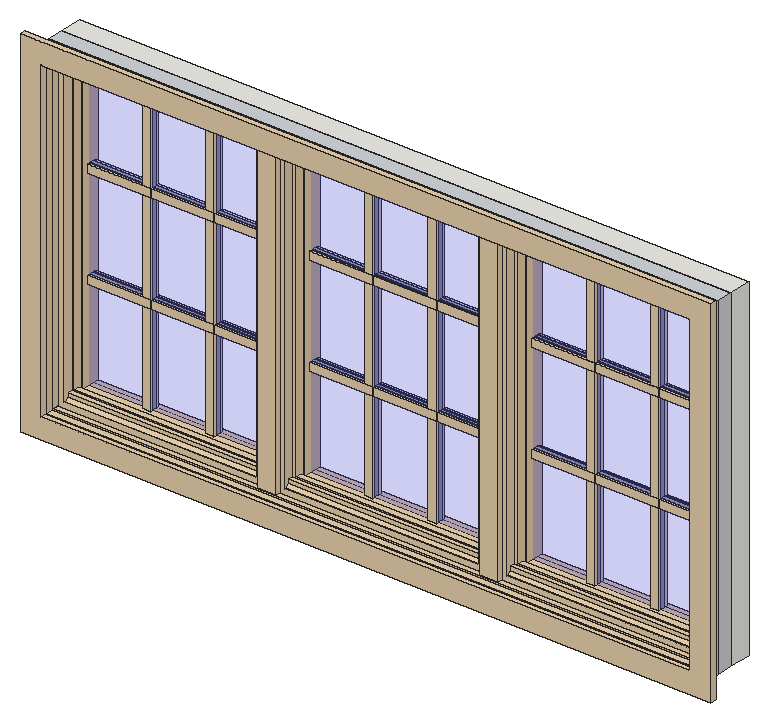
Revit family "1 Window-Casement-Andersen-400_Series_Triple", category Windows, host Wall, Revit 2014
Parameters
  XPanelWidth = (Width - 0' 2 3/8") / 3  # 1' - 11.20833"
  XPanelHeight = Height - 0' 1 1/8"  # 2' - 10 7/8"
  Visual Light Transmittance = 0.48  # constant formula
  Thermal Resistance (R) = 0.62871  # 3.5700 (h·ft²·°F)/BTU
  TFL = if(Fractional Lights High > 5, 3, if(or(Fractional Lights High = 4, Fractional Lights High = 5), 2, if(or(Fractional Lights High = 2, Fractional Lights High = 3), 1, 1)))  # 2
  TFB = TFL - 1  # 1
  Solar Heat Gain Coefficient = 0.21  # constant formula
  Learn About These Parameters = "http://www.andersenwindows.com/for-professionals/cad-symbols-bim-support-window-doors/bim-support"
  LWide = if(Enter Pattern Number = 3, 3, if(Enter Pattern Number = 1, . . Lights Wide, Fractional Lights Wide))  # 3
  Heat Transfer Coefficient (U) = 1.5899  # 0.2800 BTU/(h·ft²·°F)
  Glazing Material = Glass ‐ Andersen - Low-E4 SmartSun
  Fractional Lights Wide = 3
  Fractional Lights High = 5
  Exterior Unit Finish = Vinyl - Andersen - White
  Enter Jamb Condition = 1
  Analytic Construction = "<None>"
  ..Jamb Condition Number 1 = "Extension Jamb Only"  # constant formula
  ..Jamb Condition Number 2 = "Narrow Drywall Return"  # constant formula
  ..Jamb Condition Number 3 = "Wide Drywall Return"  # constant formula
  Available Grille Bar Sizes = "3/4'', 7/8'', 1 1/8'', 2 1/4''"  # constant formula
  Between Glass Grille Bar Sizes = "3/4'', 1''"  # constant formula
  Interior Casing = yes
  Grille Bar Size = 0' - 0 7/8"
  Enter Pattern Number = 1
  ..Pattern Number 1 = "Colonial"  # constant formula
  . . Lights Wide = 3
  . . Lights High = 3
  ..Pattern Number 2 = "Modified Colonial"  # constant formula
  ..Pattern Number 3 = "Prairie"  # constant formula
  ..Pattern Number 4 = "Short Fractional"  # constant formula
  ..Pattern Number 5 = "Tall Fractional"  # constant formula
  Extension Jamb = yes
  Enter Exterior Trim Number = 0
  ..Exterior Trim Number 0 = "No Exterior Trim"  # constant formula
  ..Exterior Trim Number 1 = "Brick Mould"  # constant formula
  ..Exterior Trim Number 2 = "3 1/2'' Flat Casing"  # constant formula
  ..Exterior Trim Number 3 = "4 1/2'' Flat Casing"  # constant formula
  Interior Grille Bar = yes
  Exterior Grille Bar = yes
  Between Glass Grille Bar = yes
  xjamb Visibility [instance] = and(and(Enter Jamb Condition = 1, Wall Depth > 0' 2 7/8"), Extension Jamb)  # yes
  xjamb S1 [instance] = if(Wall Depth > 0' 3", Wall Depth - 0' 2 27/32", 0' 3")  # 0' - 1 23/32"
  sill nose1 = 0' - 1 13/16"  # constant formula
  sill nose 2 = 0' - 1 15/16"  # constant formula
  casingS2 = if(Enter Exterior Trim Number = 1, 0' 0 3/16", 0' 0 3/16")  # 0' - 0 3/16"
  casingS1 = if(Enter Exterior Trim Number = 1, 0' 0 7/16", 0' 0 3/16")  # 0' - 0 3/16"
  casing4 = if(Enter Exterior Trim Number = 1, 0' 1 3/4", if(Enter Exterior Trim Number = 2, 0' 3 1/4", 0' 4 1/4"))  # 0' - 4 1/4"
  casing3 = 0' - 0 1/2"  # constant formula
  casing2 = 0' - 0 7/8"  # constant formula
  casing1 = 0' - 0 1/4"  # constant formula
  Xjamb 2 = if(or(Enter Jamb Condition = 2, Enter Jamb Condition = 3), 0' 0 1/32", 0' 0 1/2")  # 0' - 0 1/2"
  Xjamb 1 = if(or(Enter Jamb Condition = 2, Enter Jamb Condition = 3), 0' 0 5/8", 0' 1 3/32")  # 0' - 1 3/32"
  Wall Thickness [instance] = 0' - 6"
  Wall Depth [instance] = 0' - 4 9/16"
  Void Offset 2 = if(Enter Exterior Trim Number > 0, 0' 1 15/16", 0' 0")  # 0' - 0"
  Void Offset 1 = if(Enter Exterior Trim Number > 0, casing4, 0' 0")  # 0' - 0"
  Void Depth [instance] = if(Wall Thickness > Wall Depth, 0' 1" + Wall Thickness - Wall Depth, 0' 1")  # 0' - 2 7/16"
  VeriLock Sensor [instance] = no
  VGB DLO = if(Enter Pattern Number = 3, 0' 4", (H DLO - (Grille Bar Size * (V Bars))) / if(LWide > 2, LWide, 3))  # 1' - 9.91667"
  V Bars = if(Enter Pattern Number = 3, 2, if(LWide > 2, LWide - 1, 2))  # 2
  URL = "www.andersenwindows.com"
  Type Comments = "Vinyl-clad wood casement window"
  TS V DLO = Height - HGO - SGO  # 2' - 7 3/8"
  TS V Bar Length = if(or(Enter Pattern Number = 5, Enter Pattern Number = 2), ((((Height - HGO - SGO - (Grille Bar Size * (Fractional Lights High - 1))) / Fractional Lights High)) * TFL) + (TFB * Grille Bar Size), if(Enter Pattern Number = 4, ((Height - HGO - SGO - (Grille Bar Size * (Fractional Lights High - 1))) / Fractional Lights High), Height - HGO - SGO))  # 2' - 7 3/8"
  TS SH DLO = if(or(Enter Pattern Number = 5, Enter Pattern Number = 2), ((((Height - HGO - SGO - (Grille Bar Size * (Fractional Lights High - 1))) / Fractional Lights High)) * TFL) + (TFB * Grille Bar Size) + HGO + (Grille Bar Size / 2), if(Enter Pattern Number = 4, TS V Bar Length + HGO + (Grille Bar Size / 2), (TS V DLO / 2) + HGO))  # 1' - 6 1/16"
  TS S V = or(and(LWide = 2, Enter Pattern Number = 1), and(Fractional Lights Wide = 2, or(or(Enter Pattern Number = 2, Enter Pattern Number = 4), Enter Pattern Number = 5)))  # no
  TS S H Craftsman = and(Enter Pattern Number = 2, or(Fractional Lights High = 4, Fractional Lights High = 5))  # no
  TS S H = or(or(or(and(. . Lights High = 2, Enter Pattern Number = 1), and(Enter Pattern Number = 4, Fractional Lights High > 1)), and(Enter Pattern Number = 5, Fractional Lights High > 1)), and(Enter Pattern Number = 2, Fractional Lights High > 1))  # no
  TS M V = LWide > 2  # yes
  TS M H = or(or(Enter Pattern Number = 3, and(. . Lights High > 2, Enter Pattern Number = 1)), and(Enter Pattern Number = 2, Fractional Lights High > 5))  # yes
  TS HGB DLO = if(Enter Pattern Number = 1, if(. . Lights High > 2, ((TS V Bar Length - (Grille Bar Size * (. . Lights High - 1))) / . . Lights High), 0' 4"), if(Enter Pattern Number = 3, 0' 4", if(Fractional Lights High > 2, ((TS V Bar Length - (Grille Bar Size * 2)) / 3), 0' 4")))  # 0' - 9 7/8"
  TS H Bars = if(Enter Pattern Number = 3, 2, if(Enter Pattern Number = 1, if(. . Lights High > 2, . . Lights High - 1, 2), 2))  # 2
  Step Visibility = or(Enter Jamb Condition = 2, Enter Jamb Condition = 3)  # no
  Step Jamb2 = if(Enter Jamb Condition = 2, 0' 0 1/4", 0' 0 13/16")  # 0' - 0 13/16"
  Step Jamb1 = 0' - 1 1/8"  # constant formula
  Sill Stop Dim [instance] = 0' - 2 1/2"
  SGO = 0' - 2 1/4"  # constant formula
  Rough Width = Width + (Rough Opening Offset * 2)  # 6' - 0 1/2"
  Rough Opening Offset = 0' - 0 1/4"
  Rough Height = Height + (Rough Opening Offset * 2)  # 3' - 0 1/2"
  Push Out Stop Visibility [instance] = no
  Product Documentation Link = "https://www.andersenwindows.com/windows-and-doors/windows/casement-windows/400-series-casement-window/"
  Plan Exterior Mask Visibility [instance] = Plan Exterior Mask 2 > 0' 0 1/32"  # yes
  Plan Exterior Mask 2 [instance] = if(Enter Exterior Trim Number > 0, if(Wall Depth + 0' 1 1/16" + casingS1 > Wall Thickness, 0' 0 1/32", Wall Thickness - Wall Depth - 0' 1 1/16" - casingS1), if(Wall Depth + 0' 1 1/16" > Wall Thickness, 0' 0 1/32", Wall Thickness - Wall Depth - 0' 0 1/16"))  # 0' - 1 3/8"
  Plan Exterior Mask [instance] = if(Enter Exterior Trim Number > 0, 0' 1 1/16" + casingS1, 0' 1 1/16")  # 0' - 1 1/16"
  Nail Fin Visibility = Enter Exterior Trim Number = 0  # yes
  Model = "400-Series Casement"  # constant formula
  Masonry Width = if(Enter Exterior Trim Number > 0, Width + ((casing4 + Masonry Opening Offset) * 2), Width + (Masonry Opening Offset * 2))  # 6' - 0 1/2"
  Masonry Opening Offset = 0' - 0 1/4"
  Masonry Height = if(Enter Exterior Trim Number > 0, Height + (casing4 + Masonry Opening Offset) + (sill nose 2 + Masonry Opening Offset), Height + (Masonry Opening Offset * 2))  # 3' - 0 1/2"
  Manufacturer = "Andersen Corporation"  # constant formula
  JGO = 0' - 2 1/4"  # constant formula
  Interior Trim Visibility = and(Enter Jamb Condition = 1, Interior Casing)  # yes
  Interior Material = Wood - Andersen - Pine
  Interior Casing Size = 0' - 2 1/4"
  Horizontal Craftsman Bar Size = 0' - 0 7/8"
  Height = 3' - 0"
  Head Stop Dim [instance] = 0' - 2 17/64"
  HGO = 0' - 2 3/8"  # constant formula
  H DLO = Width - (JGO * 2)  # 5' - 7 1/2"
  Family Version = "01.01.19"  # constant formula
  Exterior Trim Finish = Fibrex Composite - Andersen - White
  Designation = "CMT"
  Description = "Vinyl-clad wood casement window"  # constant formula
  Default Sill Height = 6' 10 1/2" - Rough Height  # 3' - 10"
  Wall Closure = By host
  Width = 6' - 0"
  Crank Out Stop Visibility [instance] = yes
  Coarse Plan [instance] = if(Wall Depth < Wall Thickness, Wall Depth, Wall Thickness)  # 0' - 4 9/16"
  Casing Visibility = Enter Exterior Trim Number > 0  # no
  Between Glass Grille Bar Finish = Stainless Steel - Andersen - Standard
  Bar Center Line = if(Enter Pattern Number = 3, 1, 2)  # 2
  Assembly Code = "B2020100"
Reference planes (in)
  plane 1 "Center (Front/Back)": y = 0
  plane 2: z = 0
  plane 3 "Center (Left/Right)": x = 0
  plane 4 "R Frame": x = -36
  plane 5 "L Frame": x = 36
  plane 6 "B Frame": z = 46.25
  plane 7 "T Frame": z = 82.25
  plane 8 "L Glazing": x = 33.75
  plane 9 "L Ext Frame": x = 35.514
  plane 10 "L Stop": x = 34
  plane 11 "L Xjamb 1": x = 34.90625
  plane 12 "L Casing 1": x = 35.75
  plane 13 "L Xjamb 2": x = 35.5
  plane 14 "L Rough Opening": x = 36.25
  plane 15 "L Casing 2": x = 39.375
  plane 16 "L Casing 3": x = 39.75
  plane 17 "L Casing 4": x = 40.25
  plane 18 "R Glazing": x = -33.75
  plane 19 "R Ext Frame": x = -35.514
  plane 20 "R Stop": x = -34
  plane 21 "R Xjamb 1": x = -34.90625
  plane 22 "R Casing 1": x = -35.75
  plane 23 "R Xjamb 2": x = -35.5
  plane 24 "R Rough Opening": x = -36.25
  plane 25 "R Casing 2": x = -39.375
  plane 26 "R Casing 3": x = -39.75
  plane 27 "R Casing 4": x = -40.25
  plane 28 "R Int Casing": x = -37.15625
  plane 29 "T Ext Frame": z = 81.68689
  plane 30 "T Xjamb 1": z = 81.15625
  plane 31 "T Casing 1": z = 82
  plane 32 "T Xjamb 2": z = 81.75
  plane 33 "T Rough Opening": z = 82.5
  plane 34 "T Casing 2": z = 85.625
  plane 35 "T Casing 3": z = 86
  plane 36 "T Casing 4": z = 86.5
  plane 37 "T Int Casing": z = 83.40625
  plane 38 "B Ext Frame": z = 46.81311
  plane 39 "B Xjamb 2": z = 46.75
  plane 40 "B Casing 1": z = 46.5
  plane 41 "B Casing 2": z = 44.3125
  plane 42 "B Int Casing": z = 44.985
  plane 43 "L Int Casing": x = 37.15625
  plane 44 "Casing S1": y = 3.062
  plane 45 "Casing S2": y = 3.062
  plane 46 "Frame S1": y = 2.8745
  plane 47 "Flange": y = 1.5625
  plane 48 "Sash1 S2": y = 0.5625
  plane 49 "Frame S2": y = -1.2855
  plane 50 "B Xjamb 1": z = 47.235
  plane 51 "Exterior Offset": y = 4
  plane 52 "Interior Casing": y = -3.625
  plane 53 "B Rough Opening": z = 46
  plane 54 "R Masonry Opening": x = -40.5
  plane 55 "L Masonry Opening": x = 40.5
  plane 56 "T Masonry Opening": z = 86.75
  plane 57 "B Masonry Opening": z = 44.0625
  plane 58 "Xjamb S1": y = -1.28125
  plane 59 "R Sash": x = -35.42
  plane 60 "L Sash": x = 35.42
  plane 61 "Stop S1": y = -1.4375
  plane 62 "T Sash": z = 81.5
  plane 63 "T Int Frame": z = 81.14
  plane 64 "B Int Frame": z = 47.235
  plane 65 "L Int Frame": x = 34.891
  plane 66 "R Int Frame": x = -34.891
  plane 67 "T Stop": z = 79.98437
  plane 68 "B Stop": z = 48.75
  plane 69: x = -12.30567
  plane 70: x = 12.30567
Forms (in)
  Extrusion 1, void
    sketch origin (0, 0, 0) x (1, 0, 0) y (0, 0, 1)
      loop
        line (36, 82.25) -> (-36, 82.25) -> (-36, 46.25) -> (36, 46.25) -> (36, 82.25)
    from -1.5625 to 3
  Extrusion 2, void
    sketch origin (0, 0, 0) x (1, 0, 0) y (0, 0, 1)
      loop
        line (36, 82.25) -> (-36, 82.25) -> (-36, 46.25) -> (36, 46.25) -> (36, 82.25)
    from -15 to -1.5625
  Extrusion 3, solid, material "Wood - Andersen - Pine" <- "Interior Material", visible <- "xjamb Visibility", detail levels medium+fine
    sketch origin (0, -2.5625, 0) x (-1, 0, 0) y (0, 0, 1)
      loop
        line (35.5, 81.75) -> (-35.5, 81.75) -> (-35.5, 46.75) -> (35.5, 46.75) -> (35.5, 81.75)
      loop
        line (34.90625, 81.15625) -> (-34.90625, 81.15625) -> (-34.90625, 47.235) -> (34.90625, 47.235) -> (34.90625, 81.15625)
    from 1.28125 to -0.4375
  Extrusion 4, solid, material "Wood - Andersen - Pine" <- "Interior Material", visible <- "Interior Trim Visibility", detail levels fine
    sketch origin (0, -3.625, 0) x (-1, 0, 0) y (0, 0, 1)
      loop
        line (37.15625, 83.40625) -> (-37.15625, 83.40625) -> (-37.15625, 44.985) -> (37.15625, 44.985) -> (37.15625, 83.40625)
      loop
        line (34.90625, 81.15625) -> (-34.90625, 81.15625) -> (-34.90625, 47.235) -> (34.90625, 47.235) -> (34.90625, 81.15625)
    from 0 to 0.625
  Extrusion 5, solid, material "Fibrex Composite - Andersen - White" <- "Exterior Trim Finish", visible <- "Casing Visibility", detail levels medium+fine
    sketch origin (0, 0, 0) x (0, 1, 0) y (0, 0, 1)
      loop
        line (2.31163, 46.25) -> (1.5625, 46.25) -> (1.5625, 44.3125) -> (3.375, 44.3125) -> (3.375, 46.0625) -> (2.31163, 46.25)
    from -40.25 to 40.25
  Sweep 6, solid, material "Fibrex Composite - Andersen - White" <- "Exterior Trim Finish", visible <- "Casing Visibility", detail levels medium+fine
    path origin (0, 1.5625, 0) x (-1, 0, 0) y (0, 0, 1)
      loop
        line (-40.25, 44.3125) -> (-40.25, 86.5) -> (40.25, 86.5) -> (40.25, 44.3125)
    profile origin (40.25, 1.5625, 65.40625) x (1, 0, 0) y (0, 1, 0)
      loop
        line (-0.875, 1.4995) -> (-4.5, 1.4995) -> (-4.5, 0) -> (0, 0) -> (0, 1.4995) -> (-0.5, 1.4995) -> (-0.875, 1.4995)
  Extrusion 7, solid, material "Fibrex Composite - Andersen - White" <- "Exterior Trim Finish", visible <- "Casing Visibility", detail levels coarse
    sketch origin (0, 1.5625, 0) x (-1, 0, 0) y (0, 0, 1)
      loop
        line (-40.25, 86.5) -> (-40.25, 44.3125) -> (40.25, 44.3125) -> (40.25, 86.5) -> (-40.25, 86.5)
      loop
        line (-35.75, 82) -> (-35.75, 46.25) -> (35.75, 46.25) -> (35.75, 82) -> (-35.75, 82)
    from 0 to 1.4995
  Extrusion 8, solid, material "Vinyl - Andersen - White" <- "Exterior Unit Finish"
    sketch origin (0, 0, 0) x (1, 0, 0) y (0, 0, 1)
      loop
        line (36, 82.25) -> (-36, 82.25) -> (-36, 46.25) -> (36, 46.25) -> (36, 82.25)
      loop
        line (35.514, 81.68689) -> (-35.514, 81.68689) -> (-35.514, 46.81311) -> (35.514, 46.81311) -> (35.514, 81.68689)
    from -2.8745 to -0.5625
  Extrusion 9, solid
    sketch origin (0, 0, 0) x (1, 0, 0) y (0, 0, 1)
      loop
        line (36, 82.25) -> (-36, 82.25) -> (-36, 46.25) -> (36, 46.25) -> (36, 82.25)
      loop
        line (34.891, 81.14) -> (-34.891, 81.14) -> (-34.891, 47.235) -> (34.891, 47.235) -> (34.891, 81.14)
    from -0.5625 to 1.2855
  Extrusion 10, solid, material "Wood - Andersen - Pine" <- "Interior Material"
    sketch origin (0, 0, 0) x (0, 1, 0) y (0, 0, 1)
      loop
        line (-0.4375, 48.75) -> (-0.4375, 48.673) -> (-1.00544, 48.673) -> (-1.00544, 48.26216) -> (-1.2885, 47.922) -> (-1.4375, 47.922) -> (-1.4375, 47.235) -> (0.5625, 47.235) -> (0.5625, 48.47) -> (0.2955, 48.75) -> (-0.4375, 48.75)
    from -34.891 to 34.891
  Extrusion 11, solid, material "Wood - Andersen - Pine" <- "Interior Material"
    sketch origin (0, 0, 0) x (1, 0, 0) y (0, 1, 0)
      loop
        line (-34.891, -1.4375) -> (-34.188, -1.4375) -> (-34.188, -0.4375) -> (-34, -0.4375) -> (-34, 0.5625) -> (-34.891, 0.5625) -> (-34.891, -1.4375)
      loop
        line (34.891, -1.4375) -> (34.891, 0.5625) -> (34, 0.5625) -> (34, -0.4375) -> (34.188, -0.4375) -> (34.188, -1.4375) -> (34.891, -1.4375)
    from 47.235 to 81.14
  Sweep 12, solid, material "Wood - Andersen - Pine" <- "Interior Material"
    path origin (0, 1.5625, 0) x (-1, 0, 0) y (0, 0, 1)
      loop
        line (36, 46.25) -> (36, 82.25) -> (-36, 82.25) -> (-36, 46.25) -> (36, 46.25)
    profile origin (-36, 1.5625, 64.25) x (1, 0, 0) y (0, 1, 0)
      loop
        line (0, -2.848) -> (0, -3.6605) -> (1.09375, -3.6605) -> (1.09375, -2.848) -> (0, -2.848)
  Extrusion 13, solid, material "Wood - Andersen - Pine" <- "Interior Material"
    sketch origin (0, 0, 0) x (0, 1, 0) y (0, 0, 1)
      loop
        line (-1.4375, 81.14) -> (-1.4375, 80.345) -> (-0.4375, 80.345) -> (-0.4375, 79.98437) -> (0.5625, 79.98437) -> (0.5625, 81.14) -> (-1.4375, 81.14)
    from -34.891 to 34.891
  Extrusion 14, solid, material "Vinyl - Andersen - White" <- "Exterior Unit Finish"
    sketch origin (16.2721, 55.75519, 46.25) x (0, -1, 0) y (1, 0, 0)
      loop
        line (52.88069, -28.57777) -> (55.19269, -28.57777) -> (55.19269, -27.87377) -> (52.88069, -27.87377) -> (52.88069, -28.57777)
    from 0.56311 to 35.43689
  Extrusion 15, solid, material "Wood - Andersen - Pine" <- "Interior Material"
    sketch origin (24.415, 42.77433, 46.25) x (0, -1, 0) y (1, 0, 0)
      loop
        line (42.21183, -38.23467) -> (43.21183, -38.23467) -> (43.21183, -37.87467) -> (44.21183, -37.87467) -> (44.21183, -37.34367) -> (44.72983, -37.34367) -> (44.72983, -35.39367) -> (44.21183, -35.39367) -> (44.21183, -34.86267) -> (43.21183, -34.86267) -> (43.21183, -34.50267) -> (42.21183, -34.50267) -> (42.21183, -38.23467)
    from 0.985 to 34.89
  Extrusion 16, solid, material "Vinyl - Andersen - White" <- "Exterior Unit Finish"
    sketch origin (48.18194, 81.35257, 46.25) x (0, -1, 0) y (1, 0, 0)
      loop
        line (78.47807, -36.58027) -> (80.79007, -36.58027) -> (80.79007, -35.87627) -> (78.47807, -35.87627) -> (78.47807, -36.58027)
    from 0.56311 to 35.43689
  Extrusion 17, solid, material "Wood - Andersen - Pine" <- "Interior Material"
    sketch origin (48.18194, 49.73218, 46.25) x (0, -1, 0) y (1, 0, 0)
      loop
        line (49.16968, -38.09427) -> (50.16968, -38.09427) -> (50.16968, -37.73427) -> (51.16968, -37.73427) -> (51.16968, -37.20327) -> (51.68768, -37.20327) -> (51.68768, -35.25327) -> (51.16968, -35.25327) -> (51.16968, -34.72227) -> (50.16968, -34.72227) -> (50.16968, -34.36227) -> (49.16968, -34.36227) -> (49.16968, -38.09427)
    from 0.985 to 34.89
Cuts and joins
  joined: Extrusion 5, Sweep 6
  joined: Extrusion 10, Extrusion 11, Sweep 12, Extrusion 13, Extrusion 15, Extrusion 17
  joined: Extrusion 8, Extrusion 14, Extrusion 16
Lines and regions (in)
  Masking region 1, detail levels medium+fine
    outline origin (0, 0, 46.81311) x (0, -1, 0) y (1, 0, 0)
      loop
        line (-2.8745, -36) -> (1.2855, -36) -> (1.2855, -34.891) -> (1.4375, -34.891) -> (1.4375, 34.891) -> (1.2855, 34.891) -> (1.2855, 36) -> (-2.8745, 36) -> (-2.8745, -36)
  Masking region 2, visible <- "Casing Visibility", detail levels medium+fine
    outline origin (0, 0, 46.25) x (0, -1, 0) y (1, 0, 0)
      loop
        line (-2.8745, -36) -> (-2.8745, 36) -> (-1.5625, 36) -> (-1.5625, 40.25) -> (-3.062, 40.25) -> (-3.062, -40.25) -> (-1.5625, -40.25) -> (-1.5625, -36) -> (-2.8745, -36)
  Masking region 3, visible <- "Nail Fin Visibility", detail levels coarse
    outline origin (0, 0, 46.25) x (0, -1, 0) y (1, 0, 0)
      loop
        line (-4, -36) -> (3, -36) -> (3, 36) -> (-4, 36) -> (-4, -36)
  Masking region 4
    outline origin (0, 0, 0) x (0, 1, 0) y (0, 0, 1)
      loop
        line (2.8745, 82.25) -> (-1.2855, 82.25) -> (-1.2855, 81.14) -> (-1.4375, 81.14) -> (-1.4375, 47.235) -> (-1.2855, 47.235) -> (-1.2855, 46.25) -> (2.8745, 46.25) -> (2.8745, 82.25)
  Masking region 5, visible <- "Casing Visibility"
    outline origin (0, 0, 0) x (0, 1, 0) y (0, 0, 1)
      loop
        line (2.8745, 46.15075) -> (2.8745, 46.25) -> (1.5625, 46.25) -> (1.5625, 44.3125) -> (3.375, 44.3125) -> (3.375, 46.0625) -> (2.8745, 46.15075)
  Masking region 6, visible <- "Casing Visibility"
    outline origin (0, 0, 0) x (0, 1, 0) y (0, 0, 1)
      loop
        line (2.8745, 82.25) -> (2.8745, 46.15075) -> (3.062, 46.11769) -> (3.062, 86.5) -> (1.5625, 86.5) -> (1.5625, 82.25) -> (2.8745, 82.25)
  Masking region 7, visible <- "Casing Visibility", detail levels coarse
    outline origin (0, 0, 46.25) x (0, -1, 0) y (1, 0, 0)
      loop
        line (-4, -40.25) -> (-1.5625, -40.25) -> (-1.5625, -36) -> (3, -36) -> (3, 36) -> (-1.5625, 36) -> (-1.5625, 40.25) -> (-4, 40.25) -> (-4, -40.25)
  Masking region 8, visible <- "Step Visibility", detail levels medium+fine
    outline origin (0, 0, 0) x (0, 1, 0) y (0, 0, 1)
      loop
        line (-1.28125, 82.25) -> (-2.098, 82.25) -> (-2.098, 46.25) -> (-1.28125, 46.25) -> (-1.28125, 47.235) -> (-1.4375, 47.235) -> (-1.4375, 81.14) -> (-1.28125, 81.14) -> (-1.28125, 82.25)
  Masking region 9, visible <- "xjamb Visibility", detail levels medium+fine
    outline origin (0, 0, 0) x (0, 1, 0) y (0, 0, 1)
      loop
        line (-1.28125, 81.75) -> (-3, 81.75) -> (-3, 46.75) -> (-1.28125, 46.75) -> (-1.28125, 47.235) -> (-1.4375, 47.235) -> (-1.4375, 81.14) -> (-1.28125, 81.14) -> (-1.28125, 81.75)
  Masking region 10, visible <- "Interior Trim Visibility", detail levels fine
    outline origin (0, 0, 0) x (0, 1, 0) y (0, 0, 1)
      loop
        line (-3, 83.40625) -> (-3.625, 83.40625) -> (-3.625, 44.985) -> (-3, 44.985) -> (-3, 83.40625)
  Masking region 11, visible <- "Step Visibility", detail levels medium+fine
    outline origin (0, 0, 46.25) x (0, -1, 0) y (1, 0, 0)
      loop
        line (1.28125, -36) -> (2.098, -36) -> (2.098, 36) -> (1.28125, 36) -> (1.28125, 34.891) -> (1.4375, 34.891) -> (1.4375, -34.891) -> (1.28125, -34.891) -> (1.28125, -36)
  Masking region 12, visible <- "xjamb Visibility", detail levels medium+fine
    outline origin (0, 0, 46.25) x (0, -1, 0) y (1, 0, 0)
      loop
        line (1.28125, -35.5) -> (3, -35.5) -> (3, 35.5) -> (1.28125, 35.5) -> (1.28125, 34.891) -> (1.4375, 34.891) -> (1.4375, -34.891) -> (1.28125, -34.891) -> (1.28125, -35.5)
  Masking region 13, visible <- "Interior Trim Visibility", detail levels fine
    outline origin (0, 0, 46.25) x (0, -1, 0) y (1, 0, 0)
      loop
        line (3, -37.15625) -> (3.625, -37.15625) -> (3.625, 37.15625) -> (3, 37.15625) -> (3, -37.15625)
  symbolic lines, style "WindowsFrameMullionProjection", visible <- "Casing Visibility", detail levels fine
    curve 1: line (39.75, 3.062, 46.25) -> (39.375, 3.062, 46.25)
    curve 2: line (39.375, 3.062, 46.25) -> (35.75, 3.062, 46.25)
    curve 3: line (35.75, 3.062, 46.25) -> (35.75, 2.8745, 46.25)
    curve 4: line (-39.75, 3.062, 46.25) -> (-39.375, 3.062, 46.25)
    curve 5: line (-39.375, 3.062, 46.25) -> (-35.75, 3.062, 46.25)
    curve 6: line (-35.75, 3.062, 46.25) -> (-35.75, 2.8745, 46.25)
  symbolic lines, style "WindowsFrameMullionProjection", detail levels medium
    curve 7: line (-35.514, 2.8745, 46.25) -> (-35.514, 0.5625, 46.25)
    curve 8: line (35.514, 2.8745, 46.25) -> (35.514, 0.5625, 46.25)
    curve 66: line (35.514, 0.5625, 0) -> (34, 0.5625, 0)
    curve 67: line (34, 0.5625, 0) -> (34, -1.4375, 0)
    curve 68: line (-35.514, 0.5625, 0) -> (-34, 0.5625, 0)
    curve 69: line (-34, 0.5625, 0) -> (-34, -1.4375, 0)
    curve 391: line (11.60167, 2.8745, 46.81311) -> (12.30567, 2.8745, 46.81311)
    curve 392: line (12.30567, 2.8745, 46.81311) -> (12.30567, 0.5625, 46.81311)
    curve 393: line (12.30567, 0.5625, 46.81311) -> (13.81967, 0.5625, 46.81311)
    curve 394: line (13.81967, 0.5625, 46.81311) -> (13.81967, -1.4375, 46.81311)
    curve 395: line (13.81967, -1.4375, 46.81311) -> (12.92867, -1.4375, 46.81311)
    curve 396: line (12.92867, -1.4375, 46.81311) -> (12.92867, -1.9555, 46.81311)
    curve 397: line (12.92867, -1.9555, 46.81311) -> (10.97867, -1.9555, 46.81311)
    curve 398: line (10.97867, -1.9555, 46.81311) -> (10.97867, -1.4375, 46.81311)
    curve 399: line (10.97867, -1.4375, 46.81311) -> (10.08767, -1.4375, 46.81311)
    curve 400: line (10.08767, -1.4375, 46.81311) -> (10.08767, 0.5625, 46.81311)
    curve 401: line (10.08767, 0.5625, 46.81311) -> (11.60167, 0.5625, 46.81311)
    curve 402: line (11.60167, 0.5625, 46.81311) -> (11.60167, 2.8745, 46.81311)
    curve 462: line (-12.30567, 2.8745, 46.81311) -> (-11.60167, 2.8745, 46.81311)
    curve 463: line (-11.60167, 2.8745, 46.81311) -> (-11.60167, 0.5625, 46.81311)
    curve 464: line (-11.60167, 0.5625, 46.81311) -> (-10.08767, 0.5625, 46.81311)
    curve 465: line (-10.08767, 0.5625, 46.81311) -> (-10.08767, -1.4375, 46.81311)
    curve 466: line (-10.08767, -1.4375, 46.81311) -> (-10.97867, -1.4375, 46.81311)
    curve 467: line (-10.97867, -1.4375, 46.81311) -> (-10.97867, -1.9555, 46.81311)
    curve 468: line (-10.97867, -1.9555, 46.81311) -> (-12.92867, -1.9555, 46.81311)
    curve 469: line (-12.92867, -1.9555, 46.81311) -> (-12.92867, -1.4375, 46.81311)
    curve 470: line (-12.92867, -1.4375, 46.81311) -> (-13.81967, -1.4375, 46.81311)
    curve 471: line (-13.81967, -1.4375, 46.81311) -> (-13.81967, 0.5625, 46.81311)
    curve 472: line (-13.81967, 0.5625, 46.81311) -> (-12.30567, 0.5625, 46.81311)
    curve 473: line (-12.30567, 0.5625, 46.81311) -> (-12.30567, 2.8745, 46.81311)
  symbolic lines, style "WindowsFrameMullionProjection", detail levels coarse
    curve 9: line (-34, -3, 46.25) -> (-34, 4, 46.25)
    curve 10: line (34, -3, 46.25) -> (34, 4, 46.25)
  symbolic lines, style "WindowsGlassProjection", detail levels coarse
    curve 11: line (-34, 0, 46.25) -> (34, 0, 46.25)
    curve 12: line (-34, 1, 46.25) -> (34, 1, 46.25)
  symbolic lines, style "WindowsFrameMullionProjection", visible <- "Casing Visibility"
    curve 13: line (0, 3.062, 86) -> (0, 3.062, 85.625)
    curve 14: line (0, 3.062, 85.625) -> (0, 3.062, 82)
    curve 15: line (0, 3.062, 82) -> (0, 2.8745, 82)
    curve 186: line (-40.25, 3.062, 46.25) -> (-40.25, 1.5625, 46.25)
    curve 188: line (40.25, 3.062, 46.25) -> (40.25, 1.5625, 46.25)
    curve 190: line (0, 3.062, 86.5) -> (0, 1.5625, 86.5)
    curve 192: line (0, 3.062, 44.3125) -> (0, 1.5625, 44.3125)
  symbolic lines, style "WindowsFrameMullionProjection", visible <- "Casing Visibility", detail levels medium
    curve 16: line (-36, 2.8745, 46.25) -> (-36, 3.062, 46.25)
    curve 17: line (36, 3.062, 46.25) -> (36, 2.8745, 46.25)
  symbolic lines, style "WindowsFrameMullionProjection", visible <- "Nail Fin Visibility", detail levels medium+fine
    curve 18: line (-36, 1.5625, 0) -> (-37.5, 1.5625, 0)
    curve 50: line (36, 1.5625, 0) -> (37.5, 1.5625, 0)
  symbolic lines, style "WindowsFrameMullionProjection", detail levels fine
    curve 19: line (-34.891, -1.4375, 0) -> (-34.891, 1.0895, 0)
    curve 20: line (-34, 0.5625, 0) -> (-34, -0.505, 0)
    curve 21: line (-35.19253, 1.0895, 0) -> (-35.31813, 1.9375, 0)
    curve 22: line (-35.03384, 1.3805, 0) -> (-35.03384, 2.0625, 0)
    curve 23: line (-35.34196, 2.0625, 0) -> (-35.42, 2.3755, 0)
    curve 24: line (-35.42, 2.3755, 0) -> (-35.42, 2.5625, 0)
    curve 25: line (-35.42, 2.5625, 0) -> (-34.42814, 2.5625, 0)
    curve 28: line (-34, 0.5625, 0) -> (-33.75, 1.2845, 0)
    curve 40: line (-34.375, 2.3125, 0) -> (-34.375, 1.2845, 0)
    curve 41: line (-34.01883, 2.3125, 0) -> (-33.75, 1.9105, 0)
    curve 46: line (-33.87475, 1.3805, 0) -> (-33.87475, 1.8145, 0)
    curve 51: line (34.891, -1.4375, 0) -> (34.891, 1.0895, 0)
    curve 52: line (34, 0.5625, 0) -> (34, -0.505, 0)
    curve 53: line (35.19253, 1.0895, 0) -> (35.31813, 1.9375, 0)
    curve 54: line (35.03384, 1.3805, 0) -> (35.03384, 2.0625, 0)
    curve 55: line (35.34196, 2.0625, 0) -> (35.42, 2.3755, 0)
    curve 56: line (35.42, 2.3755, 0) -> (35.42, 2.5625, 0)
    curve 57: line (35.42, 2.5625, 0) -> (34.42814, 2.5625, 0)
    curve 60: line (34, 0.5625, 0) -> (33.75, 1.2845, 0)
    curve 61: line (34.375, 2.3125, 0) -> (34.375, 1.2845, 0)
    curve 62: line (34.01883, 2.3125, 0) -> (33.75, 1.9105, 0)
    curve 65: line (33.87475, 1.3805, 0) -> (33.87475, 1.8145, 0)
    curve 84: line (0, 1.8145, 80.01044) -> (0, 1.3805, 80.01044)
    curve 92: line (-34, -0.505, 0) -> (-34.36, -0.505, 0)
    curve 93: line (-34.36, -0.505, 0) -> (-34.36, -1.4375, 0)
    curve 96: line (34, -0.505, 0) -> (34.36, -0.505, 0)
    curve 97: line (34.36, -0.505, 0) -> (34.36, -1.4375, 0)
    curve 111: line (-35.45476, 1.9375, 0) -> (-35.514, 2.3375, 0)
    curve 112: line (-35.31813, 1.9375, 0) -> (-35.45476, 1.9375, 0)
    curve 113: line (-34.6, 0.5625, 0) -> (-34.775, 1.3805, 0)
    curve 114: line (-34.375, 2.3125, 0) -> (-34.01883, 2.3125, 0)
    curve 115: line (-35.34196, 2.0625, 0) -> (-35.03384, 2.0625, 0)
    curve 116: line (-35.03384, 1.3805, 0) -> (-34.775, 1.3805, 0)
    curve 117: line (-34.891, 0.5625, 0) -> (-34, 0.5625, 0)
    curve 118: line (-35.19253, 1.0895, 0) -> (-34.891, 1.0895, 0)
    curve 127: line (35.45476, 1.9375, 0) -> (35.514, 2.3375, 0)
    curve 128: line (35.31813, 1.9375, 0) -> (35.45476, 1.9375, 0)
    curve 129: line (34.6, 0.5625, 0) -> (34.775, 1.3805, 0)
    curve 130: line (34.375, 2.3125, 0) -> (34.01883, 2.3125, 0)
    curve 131: line (35.34196, 2.0625, 0) -> (35.03384, 2.0625, 0)
    curve 132: line (35.03384, 1.3805, 0) -> (34.775, 1.3805, 0)
    curve 133: line (34.891, 0.5625, 0) -> (34, 0.5625, 0)
    curve 134: line (35.19253, 1.0895, 0) -> (34.891, 1.0895, 0)
    curve 135: line (-35.514, 2.3375, 0) -> (-35.514, 2.8745, 0)
    curve 137: line (35.514, 2.3375, 0) -> (35.514, 2.8745, 0)
    curve 138: line (-34.42814, 2.5625, 0) -> (-34.375, 2.3125, 0)
    curve 140: line (34.42814, 2.5625, 0) -> (34.375, 2.3125, 0)
    curve 165: line (0, 1.8145, 48.36456) -> (0, 1.3805, 48.36456)
    curve 318: line (12.92867, -1.9555, 0) -> (12.92867, 1.0895, 0)
    curve 319: line (13.81967, 0.5625, 0) -> (13.81967, -0.505, 0)
    curve 320: line (12.62713, 1.0895, 0) -> (12.50154, 1.9375, 0)
    curve 321: line (12.78583, 1.3805, 0) -> (12.78583, 2.0625, 0)
    curve 322: line (12.47771, 2.0625, 0) -> (12.39967, 2.3755, 0)
    curve 323: line (12.39967, 2.3755, 0) -> (12.39967, 2.5625, 0)
    curve 324: line (12.39967, 2.5625, 0) -> (13.39153, 2.5625, 0)
    curve 327: line (13.81967, 0.5625, 0) -> (14.06967, 1.2845, 0)
    curve 328: line (13.44467, 2.3125, 0) -> (13.44467, 1.2845, 0)
    curve 329: line (13.80084, 2.3125, 0) -> (14.06967, 1.9105, 0)
    curve 332: line (13.94492, 1.3805, 0) -> (13.94492, 1.8145, 0)
    curve 333: line (13.81967, -0.505, 0) -> (13.45967, -0.505, 0)
    curve 334: line (13.45967, -0.505, 0) -> (13.45967, -1.4375, 0)
    curve 335: line (12.36491, 1.9375, 0) -> (12.30567, 2.3375, 0)
    curve 336: line (12.50154, 1.9375, 0) -> (12.36491, 1.9375, 0)
    curve 337: line (13.21967, 0.5625, 0) -> (13.04467, 1.3805, 0)
    curve 338: line (13.44467, 2.3125, 0) -> (13.80084, 2.3125, 0)
    curve 339: line (12.47771, 2.0625, 0) -> (12.78583, 2.0625, 0)
    curve 340: line (12.78583, 1.3805, 0) -> (13.04467, 1.3805, 0)
    curve 341: line (12.92867, 0.5625, 0) -> (13.81967, 0.5625, 0)
    curve 342: line (12.62713, 1.0895, 0) -> (12.92867, 1.0895, 0)
    curve 343: line (12.30567, 2.3375, 0) -> (12.30567, 2.8745, 0)
    curve 344: line (13.39153, 2.5625, 0) -> (13.44467, 2.3125, 0)
    curve 345: line (10.97867, -1.9555, 0) -> (10.97867, 1.0895, 0)
    curve 346: line (10.08767, 0.5625, 0) -> (10.08767, -0.505, 0)
    curve 347: line (11.2802, 1.0895, 0) -> (11.40579, 1.9375, 0)
    curve 348: line (11.12151, 1.3805, 0) -> (11.12151, 2.0625, 0)
    curve 349: line (11.42963, 2.0625, 0) -> (11.50767, 2.3755, 0)
    curve 350: line (11.50767, 2.3755, 0) -> (11.50767, 2.5625, 0)
    curve 351: line (11.50767, 2.5625, 0) -> (10.51581, 2.5625, 0)
    curve 354: line (10.08767, 0.5625, 0) -> (9.83767, 1.2845, 0)
    curve 355: line (10.46267, 2.3125, 0) -> (10.46267, 1.2845, 0)
    curve 356: line (10.10649, 2.3125, 0) -> (9.83767, 1.9105, 0)
    curve 359: line (9.96242, 1.3805, 0) -> (9.96242, 1.8145, 0)
    curve 360: line (10.08767, -0.505, 0) -> (10.44767, -0.505, 0)
    curve 361: line (10.44767, -0.505, 0) -> (10.44767, -1.4375, 0)
    curve 362: line (11.54242, 1.9375, 0) -> (11.60167, 2.3375, 0)
    curve 363: line (11.40579, 1.9375, 0) -> (11.54242, 1.9375, 0)
    curve 364: line (10.68767, 0.5625, 0) -> (10.86267, 1.3805, 0)
    curve 365: line (10.46267, 2.3125, 0) -> (10.10649, 2.3125, 0)
    curve 366: line (11.42963, 2.0625, 0) -> (11.12151, 2.0625, 0)
    curve 367: line (11.12151, 1.3805, 0) -> (10.86267, 1.3805, 0)
    curve 368: line (10.97867, 0.5625, 0) -> (10.08767, 0.5625, 0)
    curve 369: line (11.2802, 1.0895, 0) -> (10.97867, 1.0895, 0)
    curve 370: line (11.60167, 2.3375, 0) -> (11.60167, 2.8745, 0)
    curve 371: line (10.51581, 2.5625, 0) -> (10.46267, 2.3125, 0)
    curve 372: line (10.97867, -1.4375, 0) -> (10.44767, -1.4375, 0)
    curve 373: line (13.45967, -1.4375, 0) -> (12.92867, -1.4375, 0)
    curve 374: line (12.30567, 2.8745, 0) -> (11.60167, 2.8745, 0)
    curve 375: line (12.92867, -1.9555, 0) -> (10.97867, -1.9555, 0)
    curve 376: line (12.92867, -1.268, 0) -> (10.97867, -1.268, 0)
    curve 403: line (-10.97867, -1.9555, 0) -> (-10.97867, 1.0895, 0)
    curve 404: line (-10.08767, 0.5625, 0) -> (-10.08767, -0.505, 0)
    curve 405: line (-11.2802, 1.0895, 0) -> (-11.40579, 1.9375, 0)
    curve 406: line (-11.12151, 1.3805, 0) -> (-11.12151, 2.0625, 0)
    curve 407: line (-11.42963, 2.0625, 0) -> (-11.50767, 2.3755, 0)
    curve 408: line (-11.50767, 2.3755, 0) -> (-11.50767, 2.5625, 0)
    curve 409: line (-11.50767, 2.5625, 0) -> (-10.51581, 2.5625, 0)
    curve 412: line (-10.08767, 0.5625, 0) -> (-9.83767, 1.2845, 0)
    curve 413: line (-10.46267, 2.3125, 0) -> (-10.46267, 1.2845, 0)
    curve 414: line (-10.10649, 2.3125, 0) -> (-9.83767, 1.9105, 0)
    curve 417: line (-9.96242, 1.3805, 0) -> (-9.96242, 1.8145, 0)
    curve 418: line (-10.08767, -0.505, 0) -> (-10.44767, -0.505, 0)
    curve 419: line (-10.44767, -0.505, 0) -> (-10.44767, -1.4375, 0)
    curve 420: line (-11.54242, 1.9375, 0) -> (-11.60167, 2.3375, 0)
    curve 421: line (-11.40579, 1.9375, 0) -> (-11.54242, 1.9375, 0)
    curve 422: line (-10.68767, 0.5625, 0) -> (-10.86267, 1.3805, 0)
    curve 423: line (-10.46267, 2.3125, 0) -> (-10.10649, 2.3125, 0)
    curve 424: line (-11.42963, 2.0625, 0) -> (-11.12151, 2.0625, 0)
    curve 425: line (-11.12151, 1.3805, 0) -> (-10.86267, 1.3805, 0)
    curve 426: line (-10.97867, 0.5625, 0) -> (-10.08767, 0.5625, 0)
    curve 427: line (-11.2802, 1.0895, 0) -> (-10.97867, 1.0895, 0)
    curve 428: line (-11.60167, 2.3375, 0) -> (-11.60167, 2.8745, 0)
    curve 429: line (-10.51581, 2.5625, 0) -> (-10.46267, 2.3125, 0)
    curve 430: line (-12.92867, -1.9555, 0) -> (-12.92867, 1.0895, 0)
    curve 431: line (-13.81967, 0.5625, 0) -> (-13.81967, -0.505, 0)
    curve 432: line (-12.62713, 1.0895, 0) -> (-12.50154, 1.9375, 0)
    curve 433: line (-12.78583, 1.3805, 0) -> (-12.78583, 2.0625, 0)
    curve 434: line (-12.47771, 2.0625, 0) -> (-12.39967, 2.3755, 0)
    curve 435: line (-12.39967, 2.3755, 0) -> (-12.39967, 2.5625, 0)
    curve 436: line (-12.39967, 2.5625, 0) -> (-13.39153, 2.5625, 0)
    curve 439: line (-13.81967, 0.5625, 0) -> (-14.06967, 1.2845, 0)
    curve 440: line (-13.44467, 2.3125, 0) -> (-13.44467, 1.2845, 0)
    curve 441: line (-13.80084, 2.3125, 0) -> (-14.06967, 1.9105, 0)
    curve 444: line (-13.94492, 1.3805, 0) -> (-13.94492, 1.8145, 0)
    curve 445: line (-13.81967, -0.505, 0) -> (-13.45967, -0.505, 0)
    curve 446: line (-13.45967, -0.505, 0) -> (-13.45967, -1.4375, 0)
    curve 447: line (-12.36491, 1.9375, 0) -> (-12.30567, 2.3375, 0)
    curve 448: line (-12.50154, 1.9375, 0) -> (-12.36491, 1.9375, 0)
    curve 449: line (-13.21967, 0.5625, 0) -> (-13.04467, 1.3805, 0)
    curve 450: line (-13.44467, 2.3125, 0) -> (-13.80084, 2.3125, 0)
    curve 451: line (-12.47771, 2.0625, 0) -> (-12.78583, 2.0625, 0)
    curve 452: line (-12.78583, 1.3805, 0) -> (-13.04467, 1.3805, 0)
    curve 453: line (-12.92867, 0.5625, 0) -> (-13.81967, 0.5625, 0)
    curve 454: line (-12.62713, 1.0895, 0) -> (-12.92867, 1.0895, 0)
    curve 455: line (-12.30567, 2.3375, 0) -> (-12.30567, 2.8745, 0)
    curve 456: line (-13.39153, 2.5625, 0) -> (-13.44467, 2.3125, 0)
    curve 457: line (-12.92867, -1.4375, 0) -> (-13.45967, -1.4375, 0)
    curve 458: line (-10.44767, -1.4375, 0) -> (-10.97867, -1.4375, 0)
    curve 459: line (-11.60167, 2.8745, 0) -> (-12.30567, 2.8745, 0)
    curve 460: line (-10.97867, -1.9555, 0) -> (-12.92867, -1.9555, 0)
    curve 461: line (-10.97867, -1.268, 0) -> (-12.92867, -1.268, 0)
  symbolic lines, style "WindowsGlassProjection", detail levels fine
    curve 26: line (-33.75, 1.9105, 0) -> (-34.375, 1.9105, 0)
    curve 27: line (-33.75, 1.2845, 0) -> (-34.375, 1.2845, 0)
    curve 44: line (-33.75, 1.8145, 0) -> (-34.375, 1.8145, 0)
    curve 45: line (-33.75, 1.3805, 0) -> (-34.375, 1.3805, 0)
    curve 58: line (33.75, 1.9105, 0) -> (34.375, 1.9105, 0)
    curve 59: line (33.75, 1.2845, 0) -> (34.375, 1.2845, 0)
    curve 63: line (33.75, 1.8145, 0) -> (34.375, 1.8145, 0)
    curve 64: line (33.75, 1.3805, 0) -> (34.375, 1.3805, 0)
    curve 82: line (0, 1.8145, 80.364) -> (0, 1.8145, 79.875)
    curve 83: line (0, 1.3805, 80.364) -> (0, 1.3805, 79.875)
    curve 163: line (0, 1.8145, 48.011) -> (0, 1.8145, 48.5)
    curve 164: line (0, 1.3805, 48.011) -> (0, 1.3805, 48.5)
    curve 325: line (14.06967, 1.9105, 0) -> (13.44467, 1.9105, 0)
    curve 326: line (14.06967, 1.2845, 0) -> (13.44467, 1.2845, 0)
    curve 330: line (14.06967, 1.8145, 0) -> (13.44467, 1.8145, 0)
    curve 331: line (14.06967, 1.3805, 0) -> (13.44467, 1.3805, 0)
    curve 352: line (9.83767, 1.9105, 0) -> (10.46267, 1.9105, 0)
    curve 353: line (9.83767, 1.2845, 0) -> (10.46267, 1.2845, 0)
    curve 357: line (9.83767, 1.8145, 0) -> (10.46267, 1.8145, 0)
    curve 358: line (9.83767, 1.3805, 0) -> (10.46267, 1.3805, 0)
    curve 410: line (-9.83767, 1.9105, 0) -> (-10.46267, 1.9105, 0)
    curve 411: line (-9.83767, 1.2845, 0) -> (-10.46267, 1.2845, 0)
    curve 415: line (-9.83767, 1.8145, 0) -> (-10.46267, 1.8145, 0)
    curve 416: line (-9.83767, 1.3805, 0) -> (-10.46267, 1.3805, 0)
    curve 437: line (-14.06967, 1.9105, 0) -> (-13.44467, 1.9105, 0)
    curve 438: line (-14.06967, 1.2845, 0) -> (-13.44467, 1.2845, 0)
    curve 442: line (-14.06967, 1.8145, 0) -> (-13.44467, 1.8145, 0)
    curve 443: line (-14.06967, 1.3805, 0) -> (-13.44467, 1.3805, 0)
  symbolic lines, style "WindowsFrameMullionProjection", visible <- "Nail Fin Visibility", not visible, detail levels medium+fine
    curve 29: line (-35.18862, 120.69666, 0) -> (-36.68862, 120.69666, 0)
  symbolic lines, style "WindowsFrameMullionProjection", not visible, detail levels fine
    curve 30: line (-34.07962, 117.69666, 0) -> (-34.07962, 120.22366, 0)
    curve 31: line (-33.18862, 119.69666, 0) -> (-33.18862, 118.62916, 0)
    curve 32: line (-34.38115, 120.22366, 0) -> (-34.50674, 121.07166, 0)
    curve 33: line (-34.22246, 120.51466, 0) -> (-34.22246, 121.19666, 0)
    curve 34: line (-34.53058, 121.19666, 0) -> (-34.60862, 121.50966, 0)
    curve 35: line (-34.60862, 121.50966, 0) -> (-34.60862, 121.69666, 0)
    curve 36: line (-34.60862, 121.69666, 0) -> (-33.61676, 121.69666, 0)
    curve 39: line (-33.18862, 119.69666, 0) -> (-32.93862, 120.41866, 0)
    curve 42: line (-33.56362, 121.44666, 0) -> (-33.56362, 120.41866, 0)
    curve 43: line (-33.20744, 121.44666, 0) -> (-32.93862, 121.04466, 0)
    curve 49: line (-33.06337, 120.51466, 0) -> (-33.06337, 120.94866, 0)
    curve 94: line (-33.18862, 118.62916, 0) -> (-33.54862, 118.62916, 0)
    curve 95: line (-33.54862, 118.62916, 0) -> (-33.54862, 117.69666, 0)
    curve 119: line (-34.64338, 121.07166, 0) -> (-34.70262, 121.47166, 0)
    curve 120: line (-34.50674, 121.07166, 0) -> (-34.64338, 121.07166, 0)
    curve 121: line (-33.78862, 119.69666, 0) -> (-33.96362, 120.51466, 0)
    curve 122: line (-33.56362, 121.44666, 0) -> (-33.20744, 121.44666, 0)
    curve 123: line (-34.53058, 121.19666, 0) -> (-34.22246, 121.19666, 0)
    curve 124: line (-34.22246, 120.51466, 0) -> (-33.96362, 120.51466, 0)
    curve 125: line (-34.07962, 119.69666, 0) -> (-33.18862, 119.69666, 0)
    curve 126: line (-34.38115, 120.22366, 0) -> (-34.07962, 120.22366, 0)
    curve 136: line (-34.70262, 121.47166, 0) -> (-34.70262, 122.00866, 0)
    curve 139: line (-33.61676, 121.69666, 0) -> (-33.56362, 121.44666, 0)
    curve 209: line (0, 1.8145, 48.36456) -> (0, 1.3805, 48.36456)
    curve 244: line (0, 1.8145, 80.01044) -> (0, 1.3805, 80.01044)
    curve 259: line (-31.25202, 10.233, 0) -> (-31.25202, 13.278, 0)
    curve 260: line (-30.36102, 12.751, 0) -> (-30.36102, 11.6835, 0)
    curve 261: line (-31.55355, 13.278, 0) -> (-31.67915, 14.126, 0)
    curve 262: line (-31.39486, 13.569, 0) -> (-31.39486, 14.251, 0)
    curve 263: line (-31.70298, 14.251, 0) -> (-31.78102, 14.564, 0)
    curve 264: line (-31.78102, 14.564, 0) -> (-31.78102, 14.751, 0)
    curve 265: line (-31.78102, 14.751, 0) -> (-30.78916, 14.751, 0)
    curve 268: line (-30.36102, 12.751, 0) -> (-30.11102, 13.473, 0)
    curve 269: line (-30.73602, 14.501, 0) -> (-30.73602, 13.473, 0)
    curve 270: line (-30.37985, 14.501, 0) -> (-30.11102, 14.099, 0)
    curve 273: line (-30.23577, 13.569, 0) -> (-30.23577, 14.003, 0)
    curve 274: line (-30.36102, 11.6835, 0) -> (-30.72102, 11.6835, 0)
    curve 275: line (-30.72102, 11.6835, 0) -> (-30.72102, 10.751, 0)
    curve 276: line (-31.81578, 14.126, 0) -> (-31.87502, 14.526, 0)
    curve 277: line (-31.67915, 14.126, 0) -> (-31.81578, 14.126, 0)
    curve 278: line (-30.96102, 12.751, 0) -> (-31.13602, 13.569, 0)
    curve 279: line (-30.73602, 14.501, 0) -> (-30.37985, 14.501, 0)
    curve 280: line (-31.70298, 14.251, 0) -> (-31.39486, 14.251, 0)
    curve 281: line (-31.39486, 13.569, 0) -> (-31.13602, 13.569, 0)
    curve 282: line (-31.25202, 12.751, 0) -> (-30.36102, 12.751, 0)
    curve 283: line (-31.55355, 13.278, 0) -> (-31.25202, 13.278, 0)
    curve 284: line (-31.87502, 14.526, 0) -> (-31.87502, 15.063, 0)
    curve 285: line (-30.78916, 14.751, 0) -> (-30.73602, 14.501, 0)
    curve 286: line (-33.20202, 10.233, 0) -> (-33.20202, 13.278, 0)
    curve 287: line (-34.09302, 12.751, 0) -> (-34.09302, 11.6835, 0)
    curve 288: line (-32.90048, 13.278, 0) -> (-32.77489, 14.126, 0)
    curve 289: line (-33.05918, 13.569, 0) -> (-33.05918, 14.251, 0)
    curve 290: line (-32.75106, 14.251, 0) -> (-32.67302, 14.564, 0)
    curve 291: line (-32.67302, 14.564, 0) -> (-32.67302, 14.751, 0)
    curve 292: line (-32.67302, 14.751, 0) -> (-33.66488, 14.751, 0)
    curve 295: line (-34.09302, 12.751, 0) -> (-34.34302, 13.473, 0)
    curve 296: line (-33.71802, 14.501, 0) -> (-33.71802, 13.473, 0)
    curve 297: line (-34.07419, 14.501, 0) -> (-34.34302, 14.099, 0)
    curve 300: line (-34.21827, 13.569, 0) -> (-34.21827, 14.003, 0)
    curve 301: line (-34.09302, 11.6835, 0) -> (-33.73302, 11.6835, 0)
    curve 302: line (-33.73302, 11.6835, 0) -> (-33.73302, 10.751, 0)
    curve 303: line (-32.63826, 14.126, 0) -> (-32.57902, 14.526, 0)
    curve 304: line (-32.77489, 14.126, 0) -> (-32.63826, 14.126, 0)
    curve 305: line (-33.49302, 12.751, 0) -> (-33.31802, 13.569, 0)
    curve 306: line (-33.71802, 14.501, 0) -> (-34.07419, 14.501, 0)
    curve 307: line (-32.75106, 14.251, 0) -> (-33.05918, 14.251, 0)
    curve 308: line (-33.05918, 13.569, 0) -> (-33.31802, 13.569, 0)
    curve 309: line (-33.20202, 12.751, 0) -> (-34.09302, 12.751, 0)
    curve 310: line (-32.90048, 13.278, 0) -> (-33.20202, 13.278, 0)
    curve 311: line (-32.57902, 14.526, 0) -> (-32.57902, 15.063, 0)
    curve 312: line (-33.66488, 14.751, 0) -> (-33.71802, 14.501, 0)
    curve 313: line (-33.20202, 10.751, 0) -> (-33.73302, 10.751, 0)
    curve 314: line (-30.72102, 10.751, 0) -> (-31.25202, 10.751, 0)
    curve 315: line (-31.87502, 15.063, 0) -> (-32.57902, 15.063, 0)
    curve 316: line (-31.25202, 10.233, 0) -> (-33.20202, 10.233, 0)
    curve 317: line (-31.25202, 10.9205, 0) -> (-33.20202, 10.9205, 0)
  symbolic lines, style "WindowsGlassProjection", not visible, detail levels fine
    curve 37: line (-32.93862, 121.04466, 0) -> (-33.56362, 121.04466, 0)
    curve 38: line (-32.93862, 120.41866, 0) -> (-33.56362, 120.41866, 0)
    curve 47: line (-32.93862, 120.94866, 0) -> (-33.56362, 120.94866, 0)
    curve 48: line (-32.93862, 120.51466, 0) -> (-33.56362, 120.51466, 0)
    curve 207: line (0, 1.8145, 48.011) -> (0, 1.8145, 48.5)
    curve 208: line (0, 1.3805, 48.011) -> (0, 1.3805, 48.5)
    curve 242: line (0, 1.8145, 80.364) -> (0, 1.8145, 79.875)
    curve 243: line (0, 1.3805, 80.364) -> (0, 1.3805, 79.875)
    curve 266: line (-30.11102, 14.099, 0) -> (-30.73602, 14.099, 0)
    curve 267: line (-30.11102, 13.473, 0) -> (-30.73602, 13.473, 0)
    curve 271: line (-30.11102, 14.003, 0) -> (-30.73602, 14.003, 0)
    curve 272: line (-30.11102, 13.569, 0) -> (-30.73602, 13.569, 0)
    curve 293: line (-34.34302, 14.099, 0) -> (-33.71802, 14.099, 0)
    curve 294: line (-34.34302, 13.473, 0) -> (-33.71802, 13.473, 0)
    curve 298: line (-34.34302, 14.003, 0) -> (-33.71802, 14.003, 0)
    curve 299: line (-34.34302, 13.569, 0) -> (-33.71802, 13.569, 0)
  symbolic lines, style "WindowsFrameMullionProjection"
    curve 70: line (0, 1.1115, 81.597) -> (0, 2.63553, 81.597)
    curve 71: line (0, 1.1115, 80.89) -> (0, 1.1115, 81.597)
    curve 72: line (0, -1.4375, 81.14) -> (0, -1.0925, 81.14)
    curve 73: line (0, 0.5625, 79.984) -> (0, -0.4375, 79.984)
    curve 74: line (0, 2.0625, 81.064) -> (0, 1.2185, 81.064)
    curve 75: line (0, 0.5625, 80.89) -> (0, 0.5625, 79.984)
    curve 76: line (0, 1.2845, 80.364) -> (0, 2.2815, 80.364)
    curve 78: line (0, 2.5625, 80.417) -> (0, 2.5625, 81.501)
    curve 79: line (0, 2.5625, 81.501) -> (0, 2.3755, 81.501)
    curve 80: line (0, 2.0625, 81.345) -> (0, 2.0625, 81.064)
    curve 81: line (0, 1.2845, 79.875) -> (0, 0.5625, 80.065)
    curve 85: line (0, 2.2815, 80.364) -> (0, 2.2815, 80.13145)
    curve 86: line (0, 2.2815, 80.13145) -> (0, 1.9105, 79.8812)
    curve 141: line (0, 2.5625, 80.417) -> (0, 2.2815, 80.364)
    curve 142: line (0, 2.3755, 81.501) -> (0, 2.0625, 81.345)
    curve 143: line (0, 1.2185, 81.064) -> (0, 1.2185, 80.8018)
    curve 144: line (0, 1.2185, 80.8018) -> (0, 0.5625, 80.673)
    curve 145: line (0, 2.63553, 81.68689) -> (0, 2.8745, 81.68689)
    curve 146: line (0, 2.63553, 81.68689) -> (0, 2.63553, 81.597)
    curve 147: line (0, 1.1115, 80.89) -> (0, -1.0925, 80.89)
    curve 148: line (0, -1.0925, 81.14) -> (0, -1.0925, 80.89)
    curve 149: line (0, -0.4375, 80.345) -> (0, -0.4375, 79.984)
    curve 150: line (0, -0.4375, 80.345) -> (0, -1.4375, 80.345)
    curve 151: line (0, 1.1115, 46.778) -> (0, 2.63553, 46.778)
    curve 152: line (0, 1.1115, 47.485) -> (0, 1.1115, 46.778)
    curve 153: line (0, -1.4375, 47.235) -> (0, -1.0925, 47.235)
    curve 154: line (0, -1.00544, 48.673) -> (0, -1.00544, 48.26216)
    curve 155: line (0, 2.0625, 47.311) -> (0, 1.2185, 47.311)
    curve 156: line (0, 0.5625, 47.702) -> (0, 0.5625, 48.47)
    curve 157: line (0, 1.2845, 48.011) -> (0, 2.2815, 48.011)
    curve 159: line (0, 2.5625, 47.958) -> (0, 2.5625, 46.874)
    curve 160: line (0, 2.5625, 46.874) -> (0, 2.3755, 46.874)
    curve 161: line (0, 2.0625, 47.03) -> (0, 2.0625, 47.311)
    curve 162: line (0, 1.2845, 48.5) -> (0, 0.5625, 48.375)
    curve 166: line (0, 2.2815, 48.011) -> (0, 2.2815, 48.24355)
    curve 167: line (0, 2.2815, 48.24355) -> (0, 1.9105, 48.4938)
    curve 169: line (0, 2.5625, 47.958) -> (0, 2.2815, 48.011)
    curve 170: line (0, 2.3755, 46.874) -> (0, 2.0625, 47.03)
    curve 171: line (0, 1.2185, 47.311) -> (0, 1.2185, 47.5732)
    curve 172: line (0, 1.2185, 47.5732) -> (0, 0.5625, 47.702)
    curve 173: line (0, 2.63553, 46.68811) -> (0, 2.8745, 46.68811)
    curve 174: line (0, 2.63553, 46.68811) -> (0, 2.63553, 46.778)
    curve 175: line (0, 1.1115, 47.485) -> (0, -1.0925, 47.485)
    curve 176: line (0, -1.0925, 47.235) -> (0, -1.0925, 47.485)
    curve 177: line (0, -1.2885, 47.922) -> (0, -1.00544, 48.26216)
    curve 178: line (0, -1.2885, 47.922) -> (0, -1.4375, 47.922)
    curve 179: line (0, -1.00544, 48.673) -> (0, -0.4375, 48.673)
    curve 180: line (0, -0.4375, 48.673) -> (0, -0.4375, 48.75)
    curve 181: line (0, 0.2955, 48.75) -> (0, -0.4375, 48.75)
    curve 182: line (0, 0.5625, 48.47) -> (0, 0.2955, 48.75)
    curve 183: line (0, 0.5625, 48.377) -> (0, -0.4845, 48.377)
    curve 184: line (0, -0.7345, 48.189) -> (0, -0.7345, 47.485)
    curve 185: line (0, -0.7345, 48.189) -> (0, -0.4845, 48.377)
    curve 187: line (-36, 1.5625, 46.25) -> (-36, -1.2855, 46.25)
    curve 189: line (36, 1.5625, 46.25) -> (36, -1.2855, 46.25)
    curve 191: line (0, 2.8745, 82.25) -> (0, -1.2855, 82.25)
    curve 193: line (0, 2.8745, 46.25) -> (0, -1.2855, 46.25)
  symbolic lines, style "WindowsGlassProjection"
    curve 77: line (0, 1.2845, 79.875) -> (0, 1.2845, 80.364)
    curve 87: line (0, 1.9105, 79.8812) -> (0, 1.9105, 80.364)
    curve 158: line (0, 1.2845, 48.5) -> (0, 1.2845, 48.011)
    curve 168: line (0, 1.9105, 48.4938) -> (0, 1.9105, 48.011)
  symbolic lines, style "WindowsFrameMullionProjection", visible <- "Nail Fin Visibility"
    curve 88: line (0, 1.5625, 83.875) -> (0, 1.5625, 82.25)
    curve 89: line (0, 1.5625, 46.25) -> (0, 1.5625, 44.625)
  symbolic lines, style "Elevation Swing"
    curve 90: line (12.30567, 0, 81.68811) -> (35.514, 0, 64.25)
    curve 91: line (35.514, 0, 64.25) -> (12.30567, 0, 46.81311)
    curve 377: line (-12.30567, 0, 81.68811) -> (-35.514, 0, 64.25)
    curve 378: line (-35.514, 0, 64.25) -> (-12.30567, 0, 46.81311)
  symbolic lines, style "InvisibleLines", detail levels coarse
    curve 98: line (-36, -3, 0) -> (36, -3, 0)
  symbolic lines, style "WindowsFrameMullionProjection", visible <- "Step Visibility", detail levels medium+fine
    curve 99: line (0, -1.28125, 81.14) -> (0, -2.098, 81.14)
    curve 102: line (0, -1.28125, 47.235) -> (0, -2.098, 47.235)
    curve 105: line (-34.891, -1.28125, 46.25) -> (-34.891, -2.098, 46.25)
    curve 108: line (34.891, -1.28125, 46.25) -> (34.891, -2.098, 46.25)
  symbolic lines, style "WindowsFrameMullionProjection", visible <- "xjamb Visibility", detail levels medium+fine
    curve 100: line (0, -1.28125, 81.15625) -> (0, -3, 81.15625)
    curve 103: line (0, -1.28125, 47.235) -> (0, -3, 47.235)
    curve 106: line (-34.90625, -1.28125, 46.25) -> (-34.90625, -3, 46.25)
    curve 109: line (34.90625, -1.28125, 46.25) -> (34.90625, -3, 46.25)
  symbolic lines, style "WindowsFrameMullionProjection", visible <- "Interior Trim Visibility", detail levels fine
    curve 101: line (0, -3, 81.15625) -> (0, -3.625, 81.15625)
    curve 104: line (0, -3, 47.235) -> (0, -3.625, 47.235)
    curve 107: line (-34.90625, -3, 46.25) -> (-34.90625, -3.625, 46.25)
    curve 110: line (34.90625, -3, 46.25) -> (34.90625, -3.625, 46.25)
  symbolic lines, style "WindowsFrameMullionProjection", visible <- "Nail Fin Visibility", not visible
    curve 194: line (0, 1.5625, 46.25) -> (0, 1.5625, 44.625)
    curve 248: line (0, 1.5625, 83.875) -> (0, 1.5625, 82.25)
  symbolic lines, style "WindowsFrameMullionProjection", not visible
    curve 195: line (0, 1.1115, 46.778) -> (0, 2.63553, 46.778)
    curve 196: line (0, 1.1115, 47.485) -> (0, 1.1115, 46.778)
    curve 197: line (0, -1.4375, 47.235) -> (0, -1.0925, 47.235)
    curve 198: line (0, -1.00544, 48.673) -> (0, -1.00544, 48.26216)
    curve 199: line (0, 2.0625, 47.311) -> (0, 1.2185, 47.311)
    curve 200: line (0, 0.5625, 47.702) -> (0, 0.5625, 48.47)
    curve 201: line (0, 1.2845, 48.011) -> (0, 2.2815, 48.011)
    curve 203: line (0, 2.5625, 47.958) -> (0, 2.5625, 46.874)
    curve 204: line (0, 2.5625, 46.874) -> (0, 2.3755, 46.874)
    curve 205: line (0, 2.0625, 47.03) -> (0, 2.0625, 47.311)
    curve 206: line (0, 1.2845, 48.5) -> (0, 0.5625, 48.375)
    curve 210: line (0, 2.2815, 48.011) -> (0, 2.2815, 48.24355)
    curve 211: line (0, 2.2815, 48.24355) -> (0, 1.9105, 48.4938)
    curve 213: line (0, 2.5625, 47.958) -> (0, 2.2815, 48.011)
    curve 214: line (0, 2.3755, 46.874) -> (0, 2.0625, 47.03)
    curve 215: line (0, 1.2185, 47.311) -> (0, 1.2185, 47.5732)
    curve 216: line (0, 1.2185, 47.5732) -> (0, 0.5625, 47.702)
    curve 217: line (0, 2.63553, 46.68811) -> (0, 2.8745, 46.68811)
    curve 218: line (0, 2.63553, 46.68811) -> (0, 2.63553, 46.778)
    curve 219: line (0, 1.1115, 47.485) -> (0, -1.0925, 47.485)
    curve 220: line (0, -1.0925, 47.235) -> (0, -1.0925, 47.485)
    curve 221: line (0, -1.2885, 47.922) -> (0, -1.00544, 48.26216)
    curve 222: line (0, -1.2885, 47.922) -> (0, -1.4375, 47.922)
    curve 223: line (0, -1.00544, 48.673) -> (0, -0.4375, 48.673)
    curve 224: line (0, -0.4375, 48.673) -> (0, -0.4375, 48.75)
    curve 225: line (0, 0.2955, 48.75) -> (0, -0.4375, 48.75)
    curve 226: line (0, 0.5625, 48.47) -> (0, 0.2955, 48.75)
    curve 227: line (0, 0.5625, 48.377) -> (0, -0.4845, 48.377)
    curve 228: line (0, -0.7345, 48.189) -> (0, -0.7345, 47.485)
    curve 229: line (0, -0.7345, 48.189) -> (0, -0.4845, 48.377)
    curve 230: line (0, 1.1115, 81.597) -> (0, 2.63553, 81.597)
    curve 231: line (0, 1.1115, 80.89) -> (0, 1.1115, 81.597)
    curve 232: line (0, -1.4375, 81.14) -> (0, -1.0925, 81.14)
    curve 233: line (0, 0.5625, 79.984) -> (0, -0.4375, 79.984)
    curve 234: line (0, 2.0625, 81.064) -> (0, 1.2185, 81.064)
    curve 235: line (0, 0.5625, 80.89) -> (0, 0.5625, 79.984)
    curve 236: line (0, 1.2845, 80.364) -> (0, 2.2815, 80.364)
    curve 238: line (0, 2.5625, 80.417) -> (0, 2.5625, 81.501)
    curve 239: line (0, 2.5625, 81.501) -> (0, 2.3755, 81.501)
    curve 240: line (0, 2.0625, 81.345) -> (0, 2.0625, 81.064)
    curve 241: line (0, 1.2845, 79.875) -> (0, 0.5625, 80.065)
    curve 245: line (0, 2.2815, 80.364) -> (0, 2.2815, 80.13145)
    curve 246: line (0, 2.2815, 80.13145) -> (0, 1.9105, 79.8812)
    curve 249: line (0, 2.5625, 80.417) -> (0, 2.2815, 80.364)
    curve 250: line (0, 2.3755, 81.501) -> (0, 2.0625, 81.345)
    curve 251: line (0, 1.2185, 81.064) -> (0, 1.2185, 80.8018)
    curve 252: line (0, 1.2185, 80.8018) -> (0, 0.5625, 80.673)
    curve 253: line (0, 2.63553, 81.68689) -> (0, 2.8745, 81.68689)
    curve 254: line (0, 2.63553, 81.68689) -> (0, 2.63553, 81.597)
    curve 255: line (0, 1.1115, 80.89) -> (0, -1.0925, 80.89)
    curve 256: line (0, -1.0925, 81.14) -> (0, -1.0925, 80.89)
    curve 257: line (0, -0.4375, 80.345) -> (0, -0.4375, 79.984)
